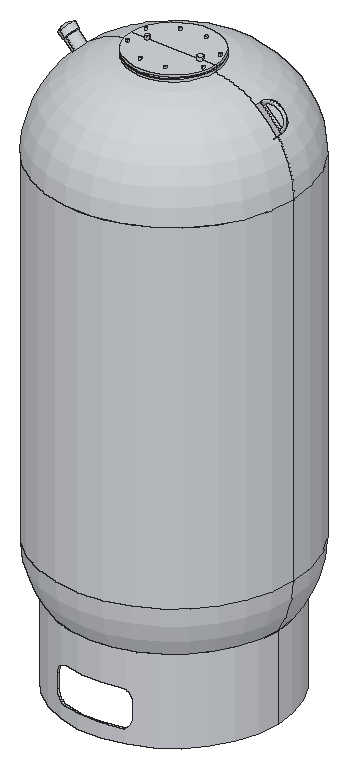
Revit family "NLA-800L", category Mechanical Equipment, Revit 2014
Parameters (values of type "NLA-800L")
  VoidLength = F * 0.25  # 7"
  Void [instance] = 10"
  URL = "http://westank.com/"
  Tank Volume = "211 Gallons"
  Part Number = "22010805"
  OuterRadius = F / 2  # 14"
  Model = "NLA-800L"
  Maximum Operating Temperature = "240°F"
  Maximum Operating Pressure = "125 PSIG"
  Manufacturer = "Wessels Company"
  InnerRadius = (F * 0.9844) / 2  # 13.7816"
  HandleAngle = 35.00°
  G = 5 1/4"
  F = 28"
  D = 3/4"
  C = 1 1/2"
  BottomOfTheCylinder = 6 61/256"
  B = 76"
  Approximate Shipment Weight = "475 lbs"
  Angle = 35.00°
  A = 32"
Types (2): name | Void
  NLA-800L | 10"
  NLA-800 | 11.02048"
Reference planes (in)
  plane 1 "Center (Front/Back)": y = 0
  plane 2: z = 0
  plane 3 "Center (Left/Right)": x = 0
  plane 4: x = -16
  plane 5: x = -3.5
  plane 6: x = 3.5
  plane 7: z = 6.23828
  plane 8: z = 33.09809
  plane 9: z = -13.90157
  plane 10: z = 33.09843
  plane 11: z = 74.85433
  plane 12: z = 75.64567
  plane 13: y = 1.9685
  plane 14: y = -1.9685
  plane 15: x = 2.1751
  plane 16: x = -2.1751
  plane 17: z = 76
  plane 18: x = 16
  plane 19: z = 62.8728
  plane 20: x = -0.75
  plane 21: x = 0.75
  plane 22: z = 1.94094
  plane 23: x = 5.5
  plane 24: y = 0.15626
  plane 25: y = -0.15626
  plane 26: x = -16
  plane 27: x = 16
  plane 28: x = -14
  plane 29: x = 14
  plane 30: z = 75.818
  plane 31: z = 5.25
  plane 32: x = -5
  plane 33: x = 5
  plane 34: through (-17.06066, -180, 65.43346) normal (-0.7071, 0, 0.7071)
  plane 35: through (6.95266, -180, 76.26456) normal (0.7071, 0, 0.7071)
Forms (in)
  Revolve 1, solid
    sketch origin (0, 0, -5.125) x (1, 0, 0) y (0, 0, 1)
      loop
        line (0, 79.97933) -> (-5.17524, 79.97933)
        arc (-5.17524, 79.97933) -> (-12.8743, 76.30245) -> (-16, 68.36362) r 11.64461
        line (-16, 68.36362) -> (-16, 22.87901)
        arc (-16, 22.87901) -> (-13.07997, 15.18397) -> (-5.79009, 11.36328) r 11.59923
        line (-5.79009, 11.36328) -> (0, 11.36328) -> (0, 79.97933)
      axis (0, 79.97933) -> (0, 11.36328)
    angle from 0 to 360
  Extrusion 2, solid
    sketch origin (0, 0, 0) x (1, 0, 0) y (0, 1, 0)
      loop
        circle (0, 0) r 14
      loop
        circle (0, 0) r 13.7816
    from 12.1119 to 0
  Revolve 3, solid
    sketch origin (0, 0, 0) x (1, 0, 0) y (0, 0, 1)
      loop
        line (0, 75.64567) -> (0, 74.85433) -> (5.61891, 74.85433) -> (5.61891, 75.10433) -> (5.36891, 75.10433) -> (5.36891, 75.38832) -> (5.61891, 75.38832) -> (5.61891, 75.64567) -> (0, 75.64567)
      axis (0, 75.64567) -> (0, 74.85433)
    angle from 0 to 360
  Extrusion 4, solid
    sketch origin (-60.41868, -180, 74.85433) x (-1, 0, 0) y (0, -1, 0)
      loop
        circle (-56.91868, -180) r 0.25
      loop
        circle (-63.91868, -180) r 0.375
    from 1.14567 to 0.79134
  Extrusion 5, solid
    sketch origin (-0.375, -180, 1.94094) x (-1, 0, 0) y (0, -1, 0)
      loop
        circle (-0.375, -180) r 0.75
    from 3.29734 to 4.29734
  Extrusion 6, solid
    sketch origin (-125.52133, 138.32342, 1.94094) x (0.743145, 0.66913, 0) y (-0.66913, 0.743145, 0)
      loop
        circle (1.625, -182.73886) r 0.14471
    from 73.87705 to 73.70472
  Extrusion 7, solid
    sketch origin (11.37747, 186.43906, 1.94094) x (0.997899, -0.064782, 0) y (0.064782, 0.997899, 0)
      loop
        circle (1.625, -182.73886) r 0.14471
    from 73.87705 to 73.70472
  Extrusion 8, solid
    sketch origin (141.40967, 122.03391, 1.94094) x (0.650395, -0.759596, 0) y (0.759596, 0.650395, 0)
      loop
        circle (2.2754, -181.97926) r 0.14471
    from 73.87705 to 73.70472
  Extrusion 9, solid
    sketch origin (186.09748, -16.02186, 1.94094) x (-0.089639, -0.995974, 0) y (0.995974, -0.089639, 0)
      loop
        circle (1.53536, -181.74288) r 0.14471
    from 73.87705 to 73.70472
  Extrusion 10, solid
    sketch origin (118.47064, -144.40803, 1.94094) x (-0.775574, -0.631257, 0) y (0.631257, -0.775574, 0)
      loop
        circle (1.625, -182.73886) r 0.14471
    from 73.87705 to 73.70472
  Extrusion 11, solid
    sketch origin (-20.65629, -185.64021, 1.94094) x (-0.99343, 0.114441, 0) y (-0.114441, -0.99343, 0)
      loop
        circle (1.625, -182.73886) r 0.14471
    from 73.87705 to 73.70472
  Extrusion 12, solid
    sketch origin (-147.31662, -114.83373, 1.94094) x (-0.611725, 0.79107, 0) y (-0.79107, -0.611725, 0)
      loop
        circle (2.23673, -181.94779) r 0.14471
    from 73.87705 to 73.70472
  Extrusion 13, solid
    sketch origin (-185.06756, 25.27789, 1.94094) x (0.139172, 0.990268, 0) y (-0.990268, 0.139172, 0)
      loop
        circle (1.48583, -181.74859) r 0.14471
    from 73.87705 to 73.70472
Cuts and joins
  joined: Revolve 1, Extrusion 2
Lines and regions (in)
  reference lines
    curve 1: line (0, 0, 62.8728) -> (-5.93885, 0, 67.03123)
    curve 2: line (0, 0, 62.8728) -> (5.93885, 0, 67.03123)
Dimensions and locks (in)
  equal spacing: plane 6, plane 3 "Center (Left/Right)", plane 5
  "VoidLength": plane 6 to plane 5
  "BottomOfTheCylinder": plane 7 to level
  locked: plane 12 to plane 11 at 0.79134
  equal spacing: plane 16, plane 3 "Center (Left/Right)", plane 15
  equal spacing: plane 13, plane 1 "Center (Front/Back)", plane 14
  "B": plane 17 to level
  equal spacing: plane 18, plane 3 "Center (Left/Right)", plane 4
  "A": plane 18 to plane 4
  locked: plane 5 to Extrusion 4 sketch curve at 0
  locked: Extrusion 4 sketch curve to plane 1 "Center (Front/Back)" at 0  (x2)
  locked: Extrusion 4 sketch curve to plane 6 at 0
  "C": plane 21 to plane 20
  equal spacing: plane 21, plane 3 "Center (Left/Right)", plane 20
  locked: plane 17 to plane 12 at 0.35433
  equal spacing: plane 24, curve 2, plane 25
  equal spacing: plane 27, plane 3 "Center (Left/Right)", plane 26
  "A": plane 27 to plane 26
  equal spacing: plane 29, plane 3 "Center (Left/Right)", plane 28
  "F": plane 29 to plane 28
  locked: plane 17 to plane 30 at 0.182
  locked: plane 7 to Extrusion 5 at 1
  "G": plane 31 to level
  equal spacing: plane 33, plane 3 "Center (Left/Right)", plane 32
  "Void": plane 33 to plane 32
  "OuterRadius": radius of Extrusion 2 sketch curve
  "InnerRadius": radius of Extrusion 2 sketch curve
  "D": diameter of Extrusion 4 sketch curve
  "C": diameter of Extrusion 5 sketch curve
  "Angle": angle curve 1 to plane 19
  "HandleAngle": angle plane 19 to curve 2
  aligned and locked: level to plane 2
  aligned and locked: Extrusion 2 to level
  aligned and locked: Revolve 3 sketch curve to plane 11
  aligned and locked: plane 12 to Revolve 3 sketch curve
  aligned and locked: Revolve 3 sketch curve to plane 3 "Center (Left/Right)"  (x2)
  aligned and locked: Revolve 1 sketch curve to plane 11
  aligned and locked: plane 4 to Revolve 1 sketch curve
  aligned and locked: Extrusion 4 to plane 12
  aligned and locked: plane 17 to Extrusion 4
  aligned and locked: plane 3 "Center (Left/Right)" to curve 1
  aligned and locked: plane 19 to curve 1
  aligned and locked: plane 19 to curve 2
  aligned and locked: plane 3 "Center (Left/Right)" to curve 2
  aligned and locked: plane 7 to Extrusion 5
  aligned and locked: Extrusion 12 to Extrusion 13
  aligned and locked: Extrusion 6 to Extrusion 13
  aligned and locked: Extrusion 11 to Extrusion 6
  aligned and locked: Extrusion 7 to Extrusion 11
  aligned and locked: Extrusion 10 to Extrusion 7
  aligned and locked: Extrusion 8 to Extrusion 10
  aligned and locked: Extrusion 9 to Extrusion 10
  aligned and locked: Extrusion 8 to Extrusion 9
  aligned and locked: Extrusion 10 to Extrusion 9
  aligned and locked: Extrusion 7 to Extrusion 9
  aligned and locked: Extrusion 11 to Extrusion 9
  aligned and locked: Extrusion 6 to Extrusion 9
  aligned and locked: Extrusion 12 to Extrusion 6
  aligned and locked: Extrusion 13 to Extrusion 6
  aligned and locked: plane 30 to Extrusion 12
  aligned and locked: Extrusion 12 to Revolve 3
  aligned and locked: plane 1 "Center (Front/Back)" to nested 2
  aligned and locked: nested 2 to plane 3 "Center (Left/Right)"
Automatic sketch dimensions
  Revolve 3 sketch curve to plane 11 = 0"
  plane 11 to Revolve 3 sketch curve = 1/4"
  plane 6 to Revolve 3 sketch curve = 1.86891"
  Revolve 3 sketch curve to Revolve 3 sketch curve = 1/4"  (x2)
  Revolve 3 sketch curve to plane 12 = 0.25735"
  Revolve 3 sketch curve to Revolve 3 sketch curve = 1/2"
  Revolve 1 sketch curve to plane 3 "Center (Left/Right)" = 0"  (x2)
  Revolve 1 sketch curve to plane 5 = 0.90077"
  Revolve 1 sketch curve to plane 5 = 0.85539"
  Revolve 1 sketch curve to plane 5 = 1.67524"
  Revolve 1 sketch curve to plane 5 = 2.29009"
  Revolve 1 sketch curve to level = 2.26259"
  Revolve 1 sketch curve to plane 11 = 1.77165"
  Revolve 1 sketch curve to plane 7 = 0"
  plane 16 to Extrusion 6 sketch curve = 0.13744"
  plane 13 to Extrusion 6 sketch curve = 1.64072"
  plane 21 to Extrusion 7 sketch curve = 0.41095"
  plane 13 to Extrusion 7 sketch curve = 2.01028"
  Extrusion 8 sketch curve to plane 13 = 0.02145"
  plane 6 to Extrusion 8 sketch curve = 1.1589"
  plane 14 to Extrusion 9 sketch curve = 0.70873"
  plane 6 to Extrusion 9 sketch curve = 1.44861"
  Extrusion 10 sketch curve to plane 15 = 0.31987"
  Extrusion 10 sketch curve to plane 14 = 1.7378"
  Extrusion 11 sketch curve to plane 20 = 0.60782"
  Extrusion 11 sketch curve to plane 14 = 1.94747"
  plane 14 to Extrusion 12 sketch curve = 0.20625"
  Extrusion 12 sketch curve to plane 5 = 1.2514"
  Extrusion 13 sketch curve to plane 13 = 0.51348"
  Extrusion 13 sketch curve to plane 5 = 1.38091"
  Extrusion 2 sketch curve to Extrusion 2 sketch curve = 0"  (x2)
  plane 1 "Center (Front/Back)" to Extrusion 2 sketch curve = 0"
  Extrusion 2 sketch curve to plane 3 "Center (Left/Right)" = 0"
  plane 1 "Center (Front/Back)" to Extrusion 5 sketch curve = 0"
  Extrusion 5 sketch curve to plane 3 "Center (Left/Right)" = 0"
  radius of Extrusion 6 sketch curve = 0.14471"
  radius of Extrusion 7 sketch curve = 0.14471"
  radius of Extrusion 8 sketch curve = 0.14471"
  radius of Extrusion 9 sketch curve = 0.14471"
  radius of Extrusion 10 sketch curve = 0.14471"
  radius of Extrusion 11 sketch curve = 0.14471"
  radius of Extrusion 12 sketch curve = 0.14471"
  radius of Extrusion 13 sketch curve = 0.14471"
  radius of Extrusion 4 sketch curve = 1/4"
Nested families (in)
  nested 1: "BottomVoid" at (-0.00428, -14, 4.27362) x (1, -0.0003, 0) z (-0.0003, -1, 0), VoidLength <- "Void", type "BottomVoid"
    with VoidLength 10", VoidHeight 4.86049"
  nested 2: "ElbowConnector" at (0, 0, 5.23828) x (0, -1, 0) z (0, 0, 1), PipeDiameter <- "C", type "ElbowConnector"
    with PipeDiameter 1 1/2", NutDiameter 1 7/8"
  nested 3: "TopConnector" at (-11.79225, 0, 70.70187) x (0, -1, 0) z (-0.7071, 0, 0.7071), type "TopConnector"
  nested 4: "Hook" at (12.12641, 0, 71.09081) x (0.7071, 0, -0.7071) z (0.7071, 0, 0.7071), type "Hook"
Connectors (in)
  piping at (3.5, 0, 76), diameter 0.75, driven by "D"
    settings: on Extrusion 4, index 3, connector inside diameter 24", connector length 0", flow factor 0, pipe flow 0 GPM, pressure drop 0.00 psi, fitting loss kfactor 0, connector angle 0.00°, fixture units 0, engagement length 0", angle of deflection 0.00°, flow configuration 0, flow direction 0, fitting loss method 0, system type 19, joint type 0, gender type 0, connector reference index -1, connector utility 0, adjustable connector no, is connector primary yes, connector description ""
  piping at (0, -1.35433, 3.23828), diameter 1.5, driven by "C"
    settings: on nested 2, index 4, connector inside diameter 24", connector length 0", flow factor 0, pipe flow 0 GPM, pressure drop 0.00 psi, fitting loss kfactor 0, connector angle 0.00°, fixture units 0, engagement length 0", angle of deflection 0.00°, flow configuration 0, flow direction 0, fitting loss method 0, system type 7, joint type 0, gender type 0, connector reference index -1, connector utility 0, adjustable connector no, is connector primary no, connector description ""
Definition of nested family "ElbowConnector"
  Parameters (values of type "ElbowConnector")
    PipeDiameter [instance] = 2"
    NutDiameter [instance] = PipeDiameter * 1.25  # 2 1/2"
    Default Elevation = 48"
  Reference planes (in)
    plane 1 "Center (Front/Back)": y = 0
    plane 2: z = 0
    plane 3 "Center (Left/Right)": x = 0
    plane 4: y = 12.38632
    plane 5: x = 2
    plane 6: z = -2
    plane 7: z = -0.64561
    plane 8: z = 0.64561
    plane 9: z = -1.12604
    plane 10: x = 0.70866
    plane 11: x = 0.70866
    plane 12: x = 1.35433
  Forms (in)
    Extrusion 1, solid
      sketch origin (0, 0, 0) x (1, 0, 0) y (0, 1, 0)
        loop
          line (-48, 48) -> (-48, -48) -> (48, -48) -> (48, 48) -> (-48, 48)
      from 0 to -12
    Sweep 2, solid
      path origin (0, 0, 0) x (1, 0, 0) y (0, 0, 1)
        loop
          line (0, 0) -> (0, -0.67719)
          arc (0, -0.67719) -> (0.38744, -1.61256) -> (1.32281, -2) r 1.32281
          line (1.32281, -2) -> (1.35433, -2)
      profile origin (0, 0, -0.3386) x (0, -1, 0) y (1, 0, 0)
        loop
          circle (0, 0) r 1
    Extrusion 3, solid
      sketch origin (0.88583, -180, 0.64561) x (1, 0, 0) y (0, 1, 0)
        loop
          circle (-0.88583, 180) r 1.25
      from 0 to -1.29123
    Extrusion 4, solid
      sketch origin (1.35433, 0, -2) x (0, -1, 0) y (0, 0, -1)
        loop
          circle (0, 0) r 1.25
      from 0.64567 to -0.64567
  Dimensions and locks (in)
    locked: plane 5 to plane 3 "Center (Left/Right)" at 2
    "PipeDiameter": diameter of Sweep 2 sketch curve
    "NutDiameter": diameter of Extrusion 3 sketch curve
    "NutDiameter": diameter of Extrusion 4 sketch curve
    aligned and locked: plane 2 to Extrusion 1
    aligned and locked: level to Extrusion 1
    aligned and locked: plane 7 to Extrusion 3
    aligned and locked: plane 2 to Sweep 2 sketch curve
    aligned and locked: plane 12 to Sweep 2 sketch curve
    aligned and locked: plane 5 to Extrusion 4
  Automatic sketch dimensions
    Extrusion 1 sketch curve to Extrusion 1 sketch curve = 96"  (x2)
    Sweep 2 sketch curve to plane 3 "Center (Left/Right)" = 0"
    Sweep 2 sketch curve to plane 6 = 0"
    plane 7 to Sweep 2 sketch curve = 0.03158"
    plane 1 "Center (Front/Back)" to Sweep 2 sketch curve = 0"
    Sweep 2 sketch curve to profile plane = 0"
    plane 1 "Center (Front/Back)" to Extrusion 3 sketch curve = 0"
    Extrusion 3 sketch curve to plane 3 "Center (Left/Right)" = 0"
Definition of nested family "TopConnector"
  Parameters (values of type "TopConnector")
    Default Elevation = 48"
  Reference planes (in)
    plane 1 "Center (Front/Back)": y = 0
    plane 2: z = 0
    plane 3 "Center (Left/Right)": x = 0
    plane 4: x = -1.03346
    plane 5: x = 1.03346
  Forms (in)
    Extrusion 1, solid
      sketch origin (0, 0, 0) x (1, 0, 0) y (0, 1, 0)
        loop
          line (-48, 48) -> (-48, -48) -> (48, -48) -> (48, 48) -> (-48, 48)
      from 0 to -12
    Revolve 2, solid
      sketch origin (0, 0, 0) x (1, 0, 0) y (0, 0, 1)
        loop
          line (0, 0) -> (0.90481, 0) -> (0.90481, 2.70509) -> (1.03346, 2.70509) -> (1.03346, 3.58595)
          arc (1.03346, 3.58595) -> (0.53755, 3.80669) -> (0, 3.88222) r 1.95064
          line (0, 3.88222) -> (0, 0)
        axis (0, 3.88222) -> (0, 0)
      angle from 0 to 360
  Dimensions and locks (in)
    equal spacing: plane 5, plane 3 "Center (Left/Right)", plane 4
    aligned and locked: plane 2 to Extrusion 1
    aligned and locked: level to Extrusion 1
    aligned and locked: Revolve 2 sketch curve to plane 5
    aligned and locked: plane 2 to Revolve 2 sketch curve
    aligned and locked: plane 3 "Center (Left/Right)" to Revolve 2 sketch curve
    aligned and locked: Revolve 2 sketch curve to plane 3 "Center (Left/Right)"
  Automatic sketch dimensions
    Extrusion 1 sketch curve to Extrusion 1 sketch curve = 96"  (x2)
    Revolve 2 sketch curve to Revolve 2 sketch curve = 0.12866"
    Revolve 2 sketch curve to Revolve 2 sketch curve = 1.93158"
    Revolve 2 sketch curve to Revolve 2 sketch curve = 0.77351"
    Revolve 2 sketch curve to Revolve 2 sketch curve = 0.88086"
    Revolve 2 sketch curve to level = 0.20685"
    Revolve 2 sketch curve to Revolve 2 sketch curve = 0.5008"
Definition of nested family "Hook"
  Parameters (values of type "Hook")
    Length = 3.93701"
    Height = 1.37795"
    Depth = 0.3937"
    Default Elevation = 48"
    CircleDiameter = Length * 0.1  # 0.3937"
  Reference planes (in)
    plane 1 "Center (Front/Back)": y = 0
    plane 2: z = 0
    plane 3 "Center (Left/Right)": x = 0
    plane 4: y = 0.19685
    plane 5: y = -0.19685
    plane 6: x = -1.9685
    plane 7: x = 1.9685
    plane 8: z = 1.37795
    plane 9: x = -1.5748
    plane 10: x = 1.5748
    plane 11: x = -1.77165
    plane 12: x = 1.77165
    plane 13: z = 3.15368
  Forms (in)
    Extrusion 1, solid
      sketch origin (0, 0, 0) x (1, 0, 0) y (0, 1, 0)
        loop
          line (-48, 48) -> (-48, -48) -> (48, -48) -> (48, 48) -> (-48, 48)
      from 0 to -12
    Extrusion 2, solid
      sketch origin (0, 0, 0) x (1, 0, 0) y (0, 1, 0)
        loop
          line (-1.9685, 0.19685) -> (-1.9685, -0.19685) -> (1.9685, -0.19685) -> (1.9685, 0.19685) -> (-1.9685, 0.19685)
      from 0 to 1.37795
    Sweep 3, solid
      path origin (0, 0, 0) x (1, 0, 0) y (0, 0, 1)
        loop
          arc (-1.77165, 1.37795) -> (0, 3.14961) -> (1.77165, 1.37795) r 1.77165
      profile origin (0, 0, 3.14961) x (0, 0, 1) y (0, -1, 0)
        loop
          circle (0, 0) r 0.19685
  Dimensions and locks (in)
    equal spacing: plane 4, plane 1 "Center (Front/Back)", plane 5
    "Depth": plane 4 to plane 5
    equal spacing: plane 6, plane 3 "Center (Left/Right)", plane 7
    "Length": plane 6 to plane 7
    "Height": plane 8 to Extrusion 1
    locked: plane 1 "Center (Front/Back)" to Sweep 3 sketch curve at 0
    equal spacing: plane 9, plane 11, plane 6
    equal spacing: plane 7, plane 12, plane 10
    locked: plane 7 to plane 12 at 0.19685
    locked: plane 11 to plane 6 at 0.19685
    "CircleDiameter": diameter of Sweep 3 sketch curve
    aligned and locked: plane 2 to Extrusion 1
    aligned and locked: level to Extrusion 1
    aligned and locked: Extrusion 2 sketch curve to plane 4
    aligned and locked: plane 6 to Extrusion 2 sketch curve
    aligned and locked: plane 5 to Extrusion 2 sketch curve
    aligned and locked: Extrusion 2 sketch curve to plane 7
    aligned and locked: plane 8 to Extrusion 2
    aligned and locked: plane 8 to Sweep 3 sketch curve  (x2)
    aligned and locked: plane 11 to Sweep 3 sketch curve
    aligned and locked: plane 12 to Sweep 3 sketch curve
  Automatic sketch dimensions
    Extrusion 1 sketch curve to Extrusion 1 sketch curve = 96"  (x2)
    Extrusion 2 sketch curve to plane 6 = 0"
    profile plane to Sweep 3 sketch curve = 0"
